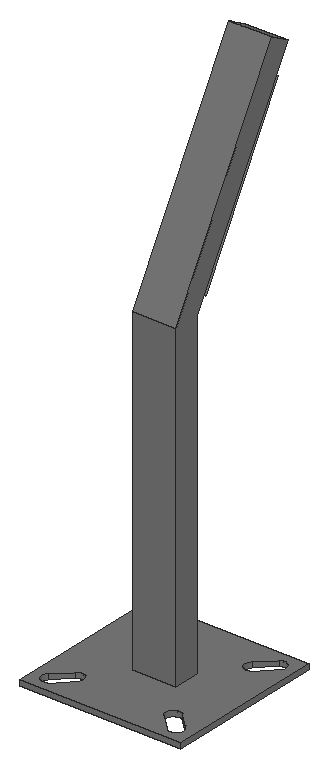
Revit family "BRACOUBEL_19W_3000K_BORNE", category Lighting Fixtures, Revit 2021
Family settings
  Round Connector Dimension = Use Diameter
  Part Type = Normal
  OmniClass Number = 23.80.70.00
  OmniClass Title = Lighting
  Work Plane-Based = No
  Always vertical = Yes
  Cut with Voids When Loaded = No
  Light Source = Yes
  Shared = No
  Room Calculation Point = No
Parameters
  Wattage = 9.2903 W
  built-in parameter 1150110 = 1 (stored number, unit not read)
  Type de lampe = "LED"
  Type = "Borne"
  built-in parameter 1114217 = 1 (stored number, unit not read)
  built-in parameter 1150109 = 1 (stored number, unit not read)
  built-in parameter 1150134 = (empty or 0)
  built-in parameter 1150113 = 1 (stored number, unit not read)
  Puissance nominale = "19W"
  Matériau = "Fonte"
  Lumens = 1380 lm
  built-in parameter 1150115 = 1 (stored number, unit not read)
  built-in parameter 1150105 = 439.27 (stored number, unit not read)
  Light Source Symbol Size = 609.6 mm
  built-in parameter 1150137 = (empty or 0)
  built-in parameter 1150139 = (empty or 0)
  built-in parameter 1150112 = 1 (stored number, unit not read)
  built-in parameter 1150114 = 1 (stored number, unit not read)
  built-in parameter 1150132 = 2
  built-in parameter 1150102 = (empty or 0)
  built-in parameter 1150138 = (empty or 0)
  built-in parameter 1150107 = 3000 (stored number, unit not read)
  built-in parameter 1150106 = 4.3927 (stored number, unit not read)
  Fintion = "Gris anthracite (RAL 7016 satiné)"
  built-in parameter 1150104 = 13.8 (stored number, unit not read)
  Driver = "Driver 24V ref 708222"
  Dimming Lamp Color Temperature Shift = <None>
  Dimensions = "300 x 1000 mm"
  Diffuseur = "Transparent"
  Default Elevation = 0 mm
  Color Filter = 16777215
  built-in parameter 1114218 = 1 (stored number, unit not read)
  built-in parameter 1150133 = 10 (stored number, unit not read)
  Alimentation Driver = "AC 220-240V"
Reference planes
  plane 1 "Light Source Axis (F/B)": y = 0
  plane 2: z = 0
  plane 3 "Light Source Axis (L/R)": x = 0
  plane 4 "Light Source Elevation": z = 1500
Forms (mm)
  Extrusion 1, solid, material "Metal, Paint Finish, White, Matte"
    sketch origin (0, 0, 0) x (1, 0, 0) y (0, 1, 0)
      loop
        line (-150, 150) -> (-150, -150) -> (150, -150) -> (150, 150) -> (-150, 150)
    from 0 to 9.24
  Extrusion 2, solid, material "Metal, Paint Finish, White, Matte"
    sketch origin (0, 0, 0) x (1, 0, 0) y (0, 0, 1)
      loop
        line (-40, 609.24) -> (-40, 9.24) -> (40, 9.24) -> (40, 609.24) -> (-40, 609.24)
    from -25 to 24.161
  Extrusion 3, solid, material "Metal, Paint Finish, White, Matte"
    sketch origin (0, 0, 0) x (0, 1, 0) y (0, 0, 1)
      loop
        line (-24.161, 609.24) -> (25, 609.24) -> (237.71, 977.664) -> (200.839, 998.951) -> (-24.161, 609.24)
    from -40 to 40
  Extrusion 4, solid, material "Metal, Paint Finish, White, Matte(1)"
    sketch origin (0, 0, 0) x (0, 1, 0) y (0, 0, 1)
      loop
        line (29.288, 641.984) -> (48.162, 631.088) -> (218.162, 925.536) -> (199.288, 936.433) -> (29.288, 641.984)
    from -38.471 to 38.32
  Extrusion 5, void
    sketch origin (0, 0, 0) x (0, 1, 0) y (0, 0, 1)
      loop
        line (28.085, 656.312) -> (79.852, 626.424) -> (238.809, 901.746) -> (187.041, 931.634) -> (28.085, 656.312)
    from -32.939 to 32.506
  Extrusion 6, solid, material "Glass, White, High Luminance"
    sketch origin (0, 0, 0) x (0, 1, 0) y (0, 0, 1)
      loop
        line (46.154, 645.88) -> (54.065, 641.312) -> (213.022, 916.634) -> (205.111, 921.201) -> (46.154, 645.88)
    from -32.939 to 32.506
  Extrusion 7, void
    sketch origin (-108.894, -33.351, 0) x (0.707107, -0.707107, 0) y (0.707107, 0.707107, 0)
      loop
        arc (-116.025, 115.583) -> (-129.941, 101.667) -> (-116.025, 87.752) r 13.915
        line (-116.025, 87.752) -> (-76.453, 87.752)
        arc (-76.453, 87.752) -> (-62.538, 101.667) -> (-76.453, 115.583) r 13.915
        line (-76.453, 115.583) -> (-116.025, 115.583)
    from 0 to 250
  Extrusion 8, void
    sketch origin (108.894, -33.351, 0) x (-0.707107, -0.707107, 0) y (0.707107, -0.707107, 0)
      loop
        line (-116.025, -115.583) -> (-76.453, -115.583)
        arc (-76.453, -115.583) -> (-62.538, -101.667) -> (-76.453, -87.752) r 13.915
        line (-76.453, -87.752) -> (-116.025, -87.752)
        arc (-116.025, -87.752) -> (-129.941, -101.667) -> (-116.025, -115.583) r 13.915
    from 0 to 250
  Extrusion 9, void
    sketch origin (108.894, 33.351, 0) x (-0.707107, 0.707107, 0) y (-0.707107, -0.707107, 0)
      loop
        arc (-116.025, 115.583) -> (-129.941, 101.667) -> (-116.025, 87.752) r 13.915
        line (-116.025, 87.752) -> (-76.453, 87.752)
        arc (-76.453, 87.752) -> (-62.538, 101.667) -> (-76.453, 115.583) r 13.915
        line (-76.453, 115.583) -> (-116.025, 115.583)
    from 0 to 250
  Extrusion 10, void
    sketch origin (-108.894, 33.351, 0) x (0.707107, 0.707107, 0) y (-0.707107, 0.707107, 0)
      loop
        line (-116.025, -115.583) -> (-76.453, -115.583)
        arc (-76.453, -115.583) -> (-62.538, -101.667) -> (-76.453, -87.752) r 13.915
        line (-76.453, -87.752) -> (-116.025, -87.752)
        arc (-116.025, -87.752) -> (-129.941, -101.667) -> (-116.025, -115.583) r 13.915
    from 0 to 250
Cuts and joins
  Extrusion 7, Extrusion 8, Extrusion 9, Extrusion 10 cuts Extrusion 1
  Extrusion 7, Extrusion 8, Extrusion 9, Extrusion 10 cuts Extrusion 2
  Extrusion 7, Extrusion 8, Extrusion 9, Extrusion 10 cuts Extrusion 3
  joined: Extrusion 1, Extrusion 2, Extrusion 3
  Extrusion 5 cuts Extrusion 4
Lines and regions (mm)
  reference lines
    curve 1: line (0, 0, 0) -> (0, 150, 0)
    curve 2: line (0, 150, 0) -> (-150, 150, 0)
    curve 3: line (-150, 150, 0) -> (-150, -150, 0)
    curve 4: line (-150, -150, 0) -> (150, -150, 0)
    curve 5: line (150, -150, 0) -> (150, 150, 0)
    curve 6: line (150, 150, 0) -> (0, 150, 0)
    curve 7: line (0, 0, 0) -> (0, 0, 1000)
    curve 8: line (0, 0, 1000) -> (40, 0, 1000)
    curve 9: line (0, 0, 1000) -> (-40, 0, 1000)
    curve 10: line (-40, 0, 1000) -> (-40, 0, 9.24)
    curve 11: line (40, 0, 1000) -> (40, 0, 9.24)
    curve 12: line (-40, 0, 9.24) -> (-40, 0, 609.24)
    curve 13: line (-40, 0, 609.24) -> (-75, 0, 609.24)
    curve 14: line (0, -49.161, 9.24) -> (0, -24.161, 9.24)
    curve 15: line (0, 0, 9.24) -> (0, -24.161, 9.24)
    curve 16: line (0, -24.161, 9.24) -> (0, -24.161, 24.24)
    curve 17: line (0, 0, 9.24) -> (0, 25, 9.24)
    curve 18: line (0, 25, 9.24) -> (0, 25, 24.24)
Dimensions and locks
  Extrusion 6 to Extrusion 5 = 317.914 mm
  aligned and locked: plane 3 "Light Source Axis (L/R)" to imposter light
  aligned and locked: plane 1 "Light Source Axis (F/B)" to imposter light
  aligned and locked: plane 4 "Light Source Elevation" to imposter light
  aligned and locked: level to plane 2
